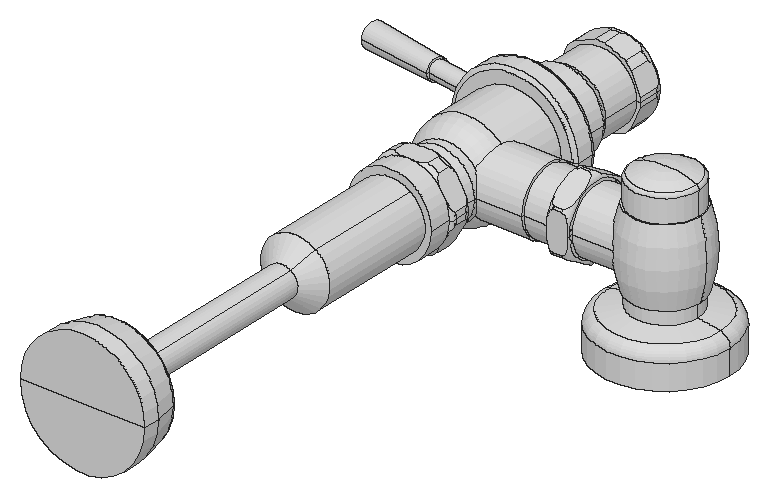
Revit family "Plumbing-Flushometer-Sloan-Valve-Dolphin-186", category Plumbing Fixtures, host Face, Revit 2021
Family settings
  Host = Face
  Round Connector Dimension = Use Diameter
  Part Type = Normal
  OmniClass Number = 23.45.05.14.99
  Cut with Voids When Loaded = No
  Shared = No
  Room Calculation Point = No
Parameters (values of type "DOLPHIN 186-1.0")
  Water Inlet Connection Diameter = 3/4"  # constant formula
  Water Inlet Connection Description = "Water Inlet Connection"  # constant formula
  Waste Connection = no
  WFU = 0
  Vent Connection = no
  Valve Pressure Drop = 0.00 psi
  URL = "www.sloanvalve.com"
  Product data url = ""
  Product Material = Sloan Valve - Finish - Polished Chrome
  Product Guid = ""
  Part Number = "3052600"
  Operating Water Pressure = "15 – 80 PSI (103 – 552 kPa)"  # constant formula
  Model = "DOLPHIN 186-1.0"
  Manufacturer = "Sloan Valve"  # constant formula
  Keynote = "15410"
  Height = 16 3/8"  # constant formula
  HWFU = 0
  HW Connection = no
  Flush Rate = "1.0 gpf (3.8 Lpf)"
  Edition number = 1
  Description = "1.0 gpf, Polished Chrome Finish, Fixture Connection Top Spud, Single Flush, 3/4\" Control Stop, Dolphin Exposed Manual Urinal Flushometer."
  Default Elevation = 0"
  Centerline of Supply to Centerline of Valve = 4 3/4"  # constant formula
  Centerline of Supply from Top of Fixture = 11 1/2"  # constant formula
  CWFU = 0
  CW Connection = yes
  Assembly Code = "D2020300"
Types (6): name | Part Number | Model | Flush Rate | Description
  DOLPHIN 186-1.0-GJ-XYV | "3952612" | "DOLPHIN 186-1.0-GJ-XYV" | "1.0 gpf (3.8 Lpf)" | "1.0 gpf, Polished Chrome Finish, Fixture Connection Top Spud, Single Flush, Ground Joint Control Stop, Less Vacuum Breaker, Dolphin Exposed Manual Urinal Flushometer."
  DOLPHIN 186-1.0-K | "3052601" | "DOLPHIN 186-1.0-K" | "1.0 gpf (3.8 Lpf)" | "1.0 gpf, Sweat Solder Adapter Kit, Polished Chrome Finish, Fixture Connection Top Spud, Single Flush, Wheel Handle Control Stop, Dolphin Exposed Manual Urinal Flushometer."
  DOLPHIN 186-1.0 | "3052600" | "DOLPHIN 186-1.0" | "1.0 gpf (3.8 Lpf)" | "1.0 gpf, Polished Chrome Finish, Fixture Connection Top Spud, Single Flush, 3/4\" Control Stop, Dolphin Exposed Manual Urinal Flushometer."
  DOLPHIN 186-1.0-GJ | "3952614" | "DOLPHIN 186-1.0-GJ" | "1.0 gpf (3.8 Lpf)" | "1.0 gpf, Polished Chrome Finish, Fixture Connection Top Spud, Single Flush, Ground Joint Control Stop, Dolphin Exposed Manual Urinal Flushometer."
  DOLPHIN 186-1.5 | "3052602" | "DOLPHIN 186-1.5" | "1.5 gpf (5.7 Lpf)" | "1.5 gpf, Polished Chrome Finish, Fixture Connection Top Spud, Single Flush, 3/4\" Control Stop, Dolphin Exposed Manual Urinal Flushometer."
  DOLPHIN 186-1.0-XYV | "3052635" | "DOLPHIN 186-1.0-XYV" | "1.0 gpf (3.8 Lpf)" | "1.0 gpf, Polished Chrome Finish, Fixture Connection Top Spud, Single Flush, 3/4\" Control Stop, Less Vacuum Breaker, Dolphin Exposed Manual Urinal Flushometer."
Reference planes (in)
  plane 1 "Center (Front/Back)": y = -1.25
  plane 2: z = 0
  plane 3 "Center (Left/Right)": x = 0
  plane 4: y = -12.75
  plane 5: x = 4.75
Dimensions and locks (in)
  plane 4 to nested 1 = 16.32677"
  aligned and locked: plane 2 to host face
  aligned and locked: level to host face
Nested families (in)
  nested 1: "Geometry" at (0, -12.75, 0) x (1, 0, 0) z (0, 1, 0), type "Geometry"
Connectors (in)
  piping at (4.75, -1.25, 0), diameter 0.75, driven by "Water Inlet Connection Diameter", driven by "CWFU", driven by "Valve Pressure Drop", driven by "Water Inlet Connection Description"
    settings: on nested 1, index 3, connector inside diameter 24", connector length 0", flow factor 0, pipe flow 0 GPM, pressure drop 0.00 psi, fitting loss kfactor 0, connector angle 0.00°, fixture units 0, engagement length 0", angle of deflection 0.00°, flow configuration 3, flow direction 1, fitting loss method 4, system type 20, joint type 0, gender type 0, connector reference index -1, connector utility 0, adjustable connector no, is connector primary yes, connector description "Water Inlet Connection"
Definition of nested family "Geometry"
  Parameters (values of type "Geometry")
    URL = ""
    Product Material = none
    Model = ""
    Manufacturer = ""
    Keynote = ""
    Description = ""
    Default Elevation = 0"
    Assembly Code = ""
  Reference planes (in)
    plane 1 "Center (Front/Back)": y = 0
    plane 2: z = 0
    plane 3 "Center (Left/Right)": x = 0
    plane 4: x = 4.75
    plane 5: y = -2.25
    plane 6: z = 11.5
    plane 7: z = 16.32677
    plane 8: z = 15.48819
    plane 9: x = -0.98425
    plane 10: z = 14.56299
    plane 11: z = 13.42913
    plane 12: z = 11.5
    plane 13: z = 10.87008
    plane 14: z = 10.64567
    plane 15: z = 10.26772
    plane 16: z = 13.88189
    plane 17: through (-5.0569, -180, 14.67508) normal (0.1564, 0, 0.9877)
    plane 18: through (-4.5093, -180, 14.58477) normal (-0.9867, 0, 0.1627)
    plane 19: z = 1.10236
    plane 20: x = 1.49606
    plane 21: z = 1.05236
    plane 22: x = 1.36024
  Forms (in)
    Extrusion 1, solid
      sketch origin (0, 0, 0) x (1, 0, 0) y (0, 1, 0)
        loop
          line (-48, 48) -> (-48, -48) -> (48, -48) -> (48, 48) -> (-48, 48)
      from 0 to -12
    Extrusion 2, solid, material <- "Product Material", not visible
      sketch origin (0, 0, 0) x (1, 0, 0) y (0, 0, 1)
        loop
          circle (4.75, 11.5) r 1
      from 0.07956 to 0
    Revolve 3, solid, material <- "Product Material"
      sketch origin (0, 3, 11.5) x (1, 0, 0) y (0, 1, 0)
        loop
          arc (5.59646, -6.1752) -> (5.75502, -5.25) -> (5.59646, -4.3248) r 2.77845
          line (5.59646, -4.3248) -> (5.5374, -4.3248) -> (5.5374, -3.99194)
          arc (5.5374, -3.99194) -> (5.8144, -3.95568) -> (6.08617, -3.89103) r 2.70259
          arc (6.08617, -3.89103) -> (6.24431, -3.78128) -> (6.30512, -3.59864) r 0.3047
          line (6.30512, -3.59864) -> (6.30512, -3) -> (4.75, -3) -> (4.75, -6.97813)
          arc (4.75, -6.97813) -> (5.13409, -6.94086) -> (5.49815, -6.81288) r 1.60287
          arc (5.49815, -6.81288) -> (5.54115, -6.77387) -> (5.55709, -6.71804) r 0.10577
          line (5.55709, -6.71804) -> (5.55709, -6.1752) -> (5.59646, -6.1752)
        axis (4.75, -3) -> (4.75, -6.97813)
      angle from 0 to 360
    Revolve 4, solid, material <- "Product Material"
      sketch origin (0, -2.25, -15) x (1, 0, 0) y (0, 0, 1)
        loop
          line (1.49606, 15) -> (1.49606, 15.41339) -> (1.3704, 16.00454)
          arc (1.3704, 16.00454) -> (1.34962, 16.04163) -> (1.31148, 16.06042) r 0.07165
          arc (1.31148, 16.06042) -> (1.04671, 16.09164) -> (0.78031, 16.10206) r 3.40813
          line (0.78031, 16.10206) -> (0, 16.10206) -> (0, 15) -> (1.49606, 15)
        axis (0, 15) -> (0, 16.10206)
      angle from 0 to 360
    Revolve 5, solid, material <- "Product Material"
      sketch origin (0, -2.25, -15) x (1, 0, 0) y (0, 0, 1)
        loop
          line (0, 31.32677) -> (-0.62992, 31.32677) -> (-0.8835, 31.14927)
          arc (-0.8835, 31.14927) -> (-0.95755, 31.06484) -> (-0.98425, 30.95575) r 0.23622
          line (-0.98425, 30.95575) -> (-0.98425, 30.48819) -> (-0.8622, 30.48819) -> (-0.8622, 29.56299) -> (-0.98031, 29.36614) -> (-0.98031, 28.42913) -> (-1.44882, 28.42913)
          arc (-1.44882, 28.42913) -> (-1.5045, 28.40607) -> (-1.52756, 28.35039) r 0.07874
          line (-1.52756, 28.35039) -> (-1.52756, 27.93701) -> (-1.4252, 27.87795) -> (-1.14173, 27.87795) -> (-1.14173, 26.5)
          arc (-1.14173, 26.5) -> (-1.06982, 26.15622) -> (-0.86614, 25.87008) r 0.85771
          line (-0.86614, 25.87008) -> (-0.86614, 25.64567) -> (-0.82677, 25.26772) -> (0, 25.26772) -> (0, 31.32677)
        axis (0, 31.32677) -> (0, 25.26772)
      angle from 0 to 360
    Revolve 6, solid, material <- "Product Material"
      sketch origin (0, -2.25, -13.75) x (1, 0, 0) y (0, 0, 1)
        loop
          line (0, 26.05709) -> (0, 25.25) -> (4.10919, 25.25) -> (4.10919, 26.01772) -> (3.12494, 26.01772) -> (3.12494, 26.07677)
          arc (3.12494, 26.07677) -> (3.07881, 26.18813) -> (2.96746, 26.23425) r 0.15748
          line (2.96746, 26.23425) -> (2.75117, 26.23425)
          arc (2.75117, 26.23425) -> (2.63981, 26.18813) -> (2.59369, 26.07677) r 0.15748
          line (2.59369, 26.07677) -> (2.59369, 26.01772) -> (1.97042, 26.01772) -> (1.97042, 26.05709) -> (0, 26.05709)
        axis (0, 25.25) -> (4.10919, 25.25)
      angle from 0 to 360
    Extrusion 7, solid, material <- "Product Material"
      sketch origin (2.25, -2.25, 0.40132) x (0, -1, 0) y (0, 0, 1)
        loop
          circle (0, 13.37362) r 0.52756
      from 2.25 to 3.68307
    Revolve 8, solid, material <- "Product Material"
      sketch origin (2.25, -2.25, 0) x (1, 0, 0) y (0, 0, 1)
        loop
          line (-3.23589, 13.81106) -> (-3.23589, 14.0303) -> (-5.01019, 14.31132) -> (-5.00403, 14.3502) -> (-6.74592, 14.66595) -> (-6.79211, 14.37431) -> (-3.23589, 13.81106)
        axis (-3.23589, 13.81106) -> (-6.79211, 14.37431)
      angle from 0 to 360
    Extrusion 9, void
      sketch origin (0, 0, 0) x (1, 0, 0) y (0, 1, 0)
        loop
          line (0.72318, -1.52682) -> (0.80733, -1.44267)
          arc (0.80733, -1.44267) -> (0.43692, -1.19518) -> (0, -1.10827) r 1.14173
          line (0, -1.10827) -> (0, -1.22727) -> (0.72318, -1.52682)
        loop
          line (-0.72318, -2.97318) -> (-0.80733, -3.05733)
          arc (-0.80733, -3.05733) -> (-0.43692, -3.30482) -> (0, -3.39173) r 1.14173
          line (0, -3.39173) -> (0, -3.27273) -> (-0.72318, -2.97318)
      from 15.04326 to 16.62359
    Extrusion 10, void
      sketch origin (0, 0, 0) x (1, 0, 0) y (0, 1, 0)
        loop
          line (0, -1.22727) -> (0, -1.10827)
          arc (0, -1.10827) -> (-0.43692, -1.19518) -> (-0.80733, -1.44267) r 1.14173
          line (-0.80733, -1.44267) -> (-0.72318, -1.52682) -> (0, -1.22727)
        loop
          line (0, -3.27273) -> (0, -3.39173)
          arc (0, -3.39173) -> (0.43692, -3.30482) -> (0.80733, -3.05733) r 1.14173
          line (0.80733, -3.05733) -> (0.72318, -2.97318) -> (0, -3.27273)
      from 15.14778 to 16.56034
    Extrusion 11, void
      sketch origin (0, 0, 0) x (1, 0, 0) y (0, 1, 0)
        loop
          line (-0.72318, -1.52682) -> (-0.80733, -1.44267)
          arc (-0.80733, -1.44267) -> (-1.05482, -1.81308) -> (-1.14173, -2.25) r 1.14173
          line (-1.14173, -2.25) -> (-1.02273, -2.25) -> (-0.72318, -1.52682)
        loop
          line (0.72318, -2.97318) -> (0.80733, -3.05733)
          arc (0.80733, -3.05733) -> (1.05482, -2.68692) -> (1.14173, -2.25) r 1.14173
          line (1.14173, -2.25) -> (1.02273, -2.25) -> (0.72318, -2.97318)
      from 15.14778 to 16.56034
    Extrusion 12, void
      sketch origin (0, 0, 0) x (1, 0, 0) y (0, 1, 0)
        loop
          line (-1.02273, -2.25) -> (-1.14069, -2.29886)
          arc (-1.14069, -2.29886) -> (-1.05482, -2.68692) -> (-0.84113, -3.02204) r 1.14173
          line (-0.84113, -3.02204) -> (-0.72318, -2.97318) -> (-1.02273, -2.25)
        loop
          line (1.02273, -2.25) -> (1.14069, -2.20114)
          arc (1.14069, -2.20114) -> (1.05482, -1.81308) -> (0.84113, -1.47796) r 1.14173
          line (0.84113, -1.47796) -> (0.72318, -1.52682) -> (1.02273, -2.25)
      from 15.04326 to 16.62359
    Extrusion 13, void
      sketch origin (0, 0, 0) x (0, 1, 0) y (0, 0, 1)
        loop
          line (-2.75007, 12.36614) -> (-3.25013, 11.5) -> (-2.75007, 10.63386) -> (-1.74993, 10.63386) -> (-1.24987, 11.5) -> (-1.74993, 12.36614) -> (-2.75007, 12.36614)
        loop
          circle (-2.25, 11.5) r 1.14765
      from 2.39057 to 3.41203
    Revolve 14, solid, material <- "Product Material"
      sketch origin (60, -2.25, 65) x (1, 0, 0) y (0, 0, 1)
        loop
          line (-60, -54.73228) -> (-60.94488, -54.73228)
          arc (-60.94488, -54.73228) -> (-61.0284, -54.76688) -> (-61.06299, -54.85039) r 0.11811
          line (-61.06299, -54.85039) -> (-61.06299, -55.16535)
          arc (-61.06299, -55.16535) -> (-61.0284, -55.24887) -> (-60.94488, -55.28346) r 0.11811
          line (-60.94488, -55.28346) -> (-60, -55.28346) -> (-60, -54.73228)
        axis (-60, -54.73228) -> (-60, -55.28346)
      angle from 0 to 360
    Extrusion 15, void
      sketch origin (0, 0, 0) x (1, 0, 0) y (0, 1, 0)
        loop
          line (0.56826, -3.23425) -> (1.13652, -2.25) -> (0.56826, -1.26575) -> (-0.56826, -1.26575) -> (-1.13652, -2.25) -> (-0.56826, -3.23425) -> (0.56826, -3.23425)
        loop
          circle (0, -2.25) r 1.27435
      from 9.49041 to 10.52512
    Extrusion 16, solid, material <- "Product Material"
      sketch origin (0, 0, 0) x (1, 0, 0) y (0, 1, 0)
        loop
          circle (0, -2.25) r 1
      from 9.20511 to 9.71692
    Extrusion 17, solid, material <- "Product Material"
      sketch origin (0, 0, 0) x (1, 0, 0) y (0, 1, 0)
        loop
          circle (0, -2.25) r 1.06299
      from 1.07402 to 1.28583
    Extrusion 18, void
      sketch origin (0, 0, 0) x (1, 0, 0) y (0, 1, 0)
        loop
          line (0.56826, -3.23425) -> (1.13652, -2.25) -> (0.56826, -1.26575) -> (-0.56826, -1.26575) -> (-1.13652, -2.25) -> (-0.56826, -3.23425) -> (0.56826, -3.23425)
        loop
          circle (0, -2.25) r 1.24078
      from 0.8307 to 1.52631
    Revolve 19, solid, material <- "Product Material"
      sketch origin (60, -2.25, 65) x (1, 0, 0) y (0, 0, 1)
        loop
          line (-59.17291, -55.79489) -> (-60, -55.79489) -> (-60, -63.90953) -> (-59.625, -63.90953) -> (-59.625, -59.04351) -> (-59.17291, -58.62951) -> (-59.17291, -55.79489)
        axis (-60, -55.79489) -> (-60, -63.90953)
      angle from -53.603 to 306.397
  Cuts and joins
    Extrusion 9, Extrusion 10, Extrusion 11, Extrusion 12 cuts Revolve 5
    Extrusion 13 cuts Revolve 6
    joined: Revolve 3, Revolve 5, Revolve 6, Extrusion 7
    Extrusion 15 cuts Revolve 14
    Extrusion 18 cuts Extrusion 17
  Lines and regions (in)
    Masking region 1
      outline origin (0, 0, 0) x (1, 0, 0) y (0, 1, 0)
        loop
          line (2.59369, -1.48228) -> (1.97042, -1.48228) -> (1.97042, -1.44182) -> (1.40349, -1.44182)
          arc (1.40349, -1.44182) -> (-0.3139, -0.66116) -> (-1.60538, -2.03626) r 1.61955
          line (-1.60538, -2.03626) -> (-2.77204, -2.03626)
          spline (-2.77204, -2.03626) -> (-2.77369, -2.02969) -> (-2.77539, -2.02363) -> (-2.77713, -2.01811) -> (-2.77891, -2.01313) -> (-2.78072, -2.00871) -> (-2.78257, -2.00486) -> (-2.78444, -2.00159) -> (-2.78634, -1.9989) -> (-2.78825, -1.9968) -> (-2.79018, -1.9953) -> (-2.79212, -1.9944) -> (-2.79406, -1.99409)
          line (-2.79406, -1.99409) -> (-4.54211, -1.95473)
          spline (-4.54211, -1.95473) -> (-4.54814, -1.95725) -> (-4.55406, -1.96479) -> (-4.55978, -1.9772) -> (-4.5652, -1.99429) -> (-4.57023, -2.01574) -> (-4.57477, -2.04121) -> (-4.57875, -2.07025) -> (-4.58211, -2.10236) -> (-4.58478, -2.137) -> (-4.58672, -2.17358) -> (-4.5879, -2.21146) -> (-4.5883, -2.25)
          spline (-4.5883, -2.25) -> (-4.5879, -2.28854) -> (-4.58672, -2.32642) -> (-4.58478, -2.363) -> (-4.58211, -2.39764) -> (-4.57875, -2.42975) -> (-4.57477, -2.45879) -> (-4.57023, -2.48426) -> (-4.5652, -2.50571) -> (-4.55978, -2.5228) -> (-4.55406, -2.53521) -> (-4.54814, -2.54275) -> (-4.54211, -2.54527)
          line (-4.54211, -2.54527) -> (-2.79406, -2.50591)
          spline (-2.79406, -2.50591) -> (-2.79217, -2.50562) -> (-2.79029, -2.50477) -> (-2.78841, -2.50335) -> (-2.78655, -2.50137) -> (-2.78471, -2.49883) -> (-2.78288, -2.49573) -> (-2.78108, -2.49209) -> (-2.77931, -2.48791) -> (-2.77758, -2.48321) -> (-2.77587, -2.47798) -> (-2.77421, -2.47225) -> (-2.7726, -2.46602)
          line (-2.7726, -2.46602) -> (-1.60508, -2.46602)
          arc (-1.60508, -2.46602) -> (-0.31137, -3.83934) -> (1.40491, -3.05572) r 1.61955
          line (1.40491, -3.05572) -> (1.97042, -3.05572) -> (1.97042, -3.01772) -> (2.59369, -3.01772) -> (2.59369, -3.1756) -> (2.62298, -3.23425) -> (3.09564, -3.23425) -> (3.12494, -3.1756) -> (3.12494, -3.01772) -> (3.85315, -3.01772) -> (3.90354, -3.1752) -> (3.94291, -3.1752) -> (3.94291, -3.71843)
          arc (3.94291, -3.71843) -> (3.95978, -3.77536) -> (4.00492, -3.81392) r 0.10452
          arc (4.00492, -3.81392) -> (4.75, -3.97229) -> (5.49508, -3.81392) r 1.83184
          arc (5.49508, -3.81392) -> (5.54022, -3.77536) -> (5.55709, -3.71843) r 0.10452
          line (5.55709, -3.71843) -> (5.55709, -3.1752) -> (5.59646, -3.1752)
          arc (5.59646, -3.1752) -> (5.75613, -2.25) -> (5.59646, -1.3248) r 2.76023
          line (5.59646, -1.3248) -> (5.5374, -1.3248) -> (5.5374, -0.99194)
          arc (5.5374, -0.99194) -> (5.8206, -0.95767) -> (6.09703, -0.88721) r 2.21037
          arc (6.09703, -0.88721) -> (6.24761, -0.77781) -> (6.30512, -0.6008) r 0.30114
          line (6.30512, -0.6008) -> (6.30512, 0) -> (3.19488, 0) -> (3.19488, -0.6008)
          arc (3.19488, -0.6008) -> (3.25239, -0.77781) -> (3.40297, -0.88721) r 0.30114
          arc (3.40297, -0.88721) -> (3.6794, -0.95767) -> (3.9626, -0.99194) r 2.21037
          line (3.9626, -0.99194) -> (3.9626, -1.3248) -> (3.90354, -1.3248) -> (3.85315, -1.48228) -> (3.12494, -1.48228) -> (3.12494, -1.3244) -> (3.09564, -1.26575) -> (2.62298, -1.26575) -> (2.59369, -1.3244) -> (2.59369, -1.48228)
    symbolic lines, detail levels medium+fine
      curve 1: line (2.59369, -1.48228, 0) -> (2.59369, -3.01772, 0)
      curve 2: line (3.12494, -3.01772, 0) -> (3.12494, -1.48228, 0)
      curve 4: line (3.90354, -1.3248, 0) -> (5.59646, -1.3248, 0)
      curve 5: line (3.9626, -0.99194, 0) -> (5.5374, -0.99194, 0)
      curve 6: line (3.94291, -3.1752, 0) -> (5.55709, -3.1752, 0)
      curve 9: arc (1.40349, -1.44182, 0) -> (1.61955, -2.25, 0) -> (1.40349, -3.05818, 0) r 1.61955
      curve 16: line (1.97042, -1.48228, 0) -> (1.97042, -3.01772, 0)
    symbolic lines, detail levels fine
      curve 3: arc (3.85315, -1.48228, 0) -> (4.1014, -2.25, 0) -> (3.85315, -3.01772, 0) r 1.3112
      curve 7: arc (-4.54211, -2.54527, 0) -> (-4.49592, -2.25, 0) -> (-4.54211, -1.95473, 0) r 0.96686
      curve 8: arc (-2.77204, -2.03626, 0) -> (-2.75403, -2.25114, 0) -> (-2.77204, -2.46602, 0) r 1.29031
      curve 10: circle (0, -2.25, 0) r 0.98425 normal (0, 0, 1)
      curve 11: line (-1.43307, -1.72244, 0) -> (-0.83092, -1.72244, 0)
      curve 12: line (-1.43307, -1.72244, 0) -> (-1.43307, -2.77756, 0)
      curve 13: line (-1.43307, -2.77756, 0) -> (-0.83092, -2.77756, 0)
      curve 14: line (-1.60508, -2.46602, 0) -> (-1.43307, -2.46602, 0)
      curve 15: line (-1.60538, -2.03626, 0) -> (-1.43307, -2.03626, 0)
  Dimensions and locks (in)
    Extrusion 2 sketch curve to plane 2 = 11 1/2"
    Extrusion 2 sketch curve to plane 3 "Center (Left/Right)" = 4 3/4"
    plane 3 "Center (Left/Right)" to plane 4 = 4 3/4"
    plane 6 to plane 2 = 11 1/2"
    plane 10 to plane 11 = 1.13386"
    Extrusion 7 to Revolve 5 sketch curve = 1.52756"
    plane 7 to plane 15 = 6.05906"
    plane 16 to plane 6 = 2.38189"
    plane 17 to Revolve 8 sketch curve = 0.21654"
    plane 18 to Revolve 8 sketch curve = 3.14961"
    plane 19 to Extrusion 1 = 1.10236"
    plane 20 to plane 3 "Center (Left/Right)" = 1.49606"
    plane 19 to plane 21 = 0.05"
    plane 20 to plane 22 = 0.13583"
    Revolve 14 sketch curve to Revolve 14 sketch curve = 0.55118"
    Revolve 14 sketch curve to plane 3 "Center (Left/Right)" = 1.06299"
    aligned and locked: plane 2 to Extrusion 1
    aligned and locked: level to Extrusion 1
    aligned and locked: Extrusion 2 to plane 1 "Center (Front/Back)"
    aligned and locked: Revolve 19 sketch curve to Revolve 19 sketch curve
  Automatic sketch dimensions
    Extrusion 1 sketch curve to Extrusion 1 sketch curve = 96"  (x2)
    plane 5 to Revolve 3 sketch curve = 0"
    Revolve 3 sketch curve to plane 4 = 0"  (x2)
    plane 1 "Center (Front/Back)" to Revolve 3 sketch curve = 0"
    plane 4 to Revolve 3 sketch curve = 1 99/128"
    Revolve 3 sketch curve to plane 4 = 0.03838"
    Revolve 3 sketch curve to plane 4 = 0.5756"
    Revolve 3 sketch curve to plane 4 = 0.70131"
    Revolve 3 sketch curve to plane 4 = 0.7874"
    Revolve 3 sketch curve to Revolve 3 sketch curve = 0.10577"
    Revolve 3 sketch curve to Revolve 3 sketch curve = 0.05906"
    Revolve 3 sketch curve to Revolve 3 sketch curve = 0.03937"
    Revolve 3 sketch curve to Revolve 3 sketch curve = 0.46302"
    Revolve 3 sketch curve to Revolve 3 sketch curve = 39/128"
    plane 5 to Revolve 3 sketch curve = 0.12572"
    plane 5 to Revolve 3 sketch curve = 0.9252"
    Revolve 3 sketch curve to Revolve 3 sketch curve = 0.54284"
    Revolve 3 sketch curve to Revolve 3 sketch curve = 0.26009"
    Revolve 3 sketch curve to Revolve 3 sketch curve = 0.33286"
    Revolve 3 sketch curve to Revolve 3 sketch curve = 0.59864"
    Revolve 3 sketch curve to plane 1 "Center (Front/Back)" = 1.70234"
    Revolve 3 sketch curve to Revolve 3 sketch curve = 0.09"
    Revolve 3 sketch curve to Revolve 3 sketch curve = 0.12423"
    Extrusion 7 sketch curve to plane 5 = 0"
    plane 6 to Extrusion 7 sketch curve = 2.27494"
    Revolve 5 sketch curve to plane 11 = 0"
    Revolve 5 sketch curve to plane 6 = 0"
    Revolve 5 sketch curve to plane 9 = 0"
    Revolve 5 sketch curve to plane 14 = 0"
    Revolve 5 sketch curve to plane 13 = 0"
    Revolve 5 sketch curve to plane 10 = 0"
    Revolve 5 sketch curve to plane 8 = 0"
    Revolve 5 sketch curve to plane 15 = 0"
    Revolve 5 sketch curve to plane 7 = 0"
    Revolve 5 sketch curve to plane 3 "Center (Left/Right)" = 0"  (x2)
    Revolve 5 sketch curve to plane 11 = 0.07874"
    Revolve 5 sketch curve to Revolve 5 sketch curve = 0.10236"
    Revolve 5 sketch curve to plane 9 = 0.15748"
    plane 9 to Revolve 5 sketch curve = 0.00394"
    plane 9 to Revolve 5 sketch curve = 0.10076"
    plane 9 to Revolve 5 sketch curve = 0.11811"
    plane 9 to Revolve 5 sketch curve = 0.12205"
    plane 9 to Revolve 5 sketch curve = 0.15748"
    Revolve 5 sketch curve to Revolve 5 sketch curve = 0.23622"
    Revolve 5 sketch curve to Revolve 5 sketch curve = 0.25357"
    Revolve 5 sketch curve to plane 11 = 0.55118"
    Revolve 5 sketch curve to Revolve 5 sketch curve = 0.05906"
    Revolve 5 sketch curve to plane 10 = 0.19685"
    Revolve 5 sketch curve to level = 24"
    Revolve 5 sketch curve to Revolve 5 sketch curve = 85.14205"
    plane 18 to Revolve 8 sketch curve = 0"
    Revolve 8 sketch curve to plane 17 = 0"  (x2)
    Revolve 8 sketch curve to plane 16 = 0"
    plane 16 to Revolve 8 sketch curve = 0.42943"
    Revolve 8 sketch curve to plane 16 = 0.07083"
    Revolve 8 sketch curve to Revolve 8 sketch curve = 0.00616"
    plane 16 to Revolve 8 sketch curve = 0.46176"
    Revolve 8 sketch curve to Revolve 8 sketch curve = 0.19357"
    plane 16 to Revolve 8 sketch curve = 0.78406"
    Extrusion 9 sketch curve to plane 3 "Center (Left/Right)" = 0.72318"
    plane 3 "Center (Left/Right)" to Extrusion 9 sketch curve = 0.72318"
    plane 5 to Extrusion 9 sketch curve = 0.72318"
    Extrusion 9 sketch curve to plane 5 = 0.72318"
    Extrusion 9 sketch curve to Extrusion 9 sketch curve = 0.08415"  (x4)
    Extrusion 9 sketch curve to Extrusion 9 sketch curve = 0.119"  (x2)
    Extrusion 9 sketch curve to Extrusion 9 sketch curve = 0"  (x2)
    Extrusion 9 sketch curve to plane 3 "Center (Left/Right)" = 0"
    plane 5 to Extrusion 9 sketch curve = 0"
    Extrusion 10 sketch curve to plane 3 "Center (Left/Right)" = 0"  (x2)
    plane 5 to Extrusion 10 sketch curve = 0"
    Extrusion 10 sketch curve to plane 3 "Center (Left/Right)" = 0.72318"
    Extrusion 10 sketch curve to Extrusion 10 sketch curve = 0.29955"
    Extrusion 10 sketch curve to Extrusion 10 sketch curve = 0.08415"  (x4)
    Extrusion 10 sketch curve to Extrusion 10 sketch curve = 0"  (x2)
    plane 3 "Center (Left/Right)" to Extrusion 10 sketch curve = 0.72318"
    plane 5 to Extrusion 10 sketch curve = 0.72318"
    Extrusion 10 sketch curve to Extrusion 10 sketch curve = 0.119"
    Extrusion 10 sketch curve to plane 5 = 0.72318"
    Extrusion 11 sketch curve to plane 3 "Center (Left/Right)" = 0"
    plane 5 to Extrusion 11 sketch curve = 0"
    Extrusion 11 sketch curve to plane 3 "Center (Left/Right)" = 0.72318"
    Extrusion 11 sketch curve to plane 5 = 0.72318"
    Extrusion 11 sketch curve to Extrusion 11 sketch curve = 0.119"  (x2)
    Extrusion 11 sketch curve to Extrusion 11 sketch curve = 0"  (x2)
    plane 3 "Center (Left/Right)" to Extrusion 11 sketch curve = 0.72318"
    Extrusion 11 sketch curve to Extrusion 11 sketch curve = 0.29955"  (x2)
    Extrusion 11 sketch curve to Extrusion 11 sketch curve = 0.08415"  (x3)
    Extrusion 12 sketch curve to Extrusion 12 sketch curve = 0"  (x2)
    plane 5 to Extrusion 12 sketch curve = 0"  (x3)
    Extrusion 12 sketch curve to plane 3 "Center (Left/Right)" = 0"
    Extrusion 12 sketch curve to Extrusion 12 sketch curve = 0.11795"  (x2)
    Extrusion 12 sketch curve to Extrusion 12 sketch curve = 0.29955"  (x2)
    plane 3 "Center (Left/Right)" to Extrusion 12 sketch curve = 0.72318"
    Extrusion 12 sketch curve to plane 5 = 0.04886"
    plane 5 to Extrusion 12 sketch curve = 0.72318"
    plane 5 to Extrusion 12 sketch curve = 0.04886"
    Revolve 6 sketch curve to plane 3 "Center (Left/Right)" = 0"
    Revolve 6 sketch curve to plane 6 = 0"  (x2)
    plane 6 to Revolve 6 sketch curve = 0.76772"
    plane 3 "Center (Left/Right)" to Revolve 6 sketch curve = 1.97042"
    Revolve 6 sketch curve to Revolve 6 sketch curve = 0.62326"
    Revolve 6 sketch curve to Revolve 6 sketch curve = 0.15748"  (x2)
    Revolve 6 sketch curve to Revolve 6 sketch curve = 0.21629"
    plane 4 to Revolve 6 sketch curve = 0.64081"
    Revolve 6 sketch curve to Revolve 6 sketch curve = 0"
    Revolve 6 sketch curve to Revolve 6 sketch curve = 0.03937"
    Revolve 6 sketch curve to Revolve 6 sketch curve = 0.05906"
    plane 3 "Center (Left/Right)" to Revolve 6 sketch curve = 3/4"
    Revolve 6 sketch curve to Revolve 6 sketch curve = 1/2"
    Extrusion 13 sketch curve to plane 6 = 0"  (x3)
    Extrusion 13 sketch curve to plane 5 = 0"
    plane 5 to Extrusion 13 sketch curve = 0.50007"  (x2)
    Extrusion 13 sketch curve to Extrusion 13 sketch curve = 1.00013"
    Extrusion 13 sketch curve to plane 5 = 0.50007"  (x2)
    Extrusion 13 sketch curve to plane 5 = 1.00013"
    Extrusion 13 sketch curve to plane 6 = 0.86614"
    plane 6 to Extrusion 13 sketch curve = 0.86614"
    Revolve 4 sketch curve to level = 0"
    Revolve 4 sketch curve to plane 3 "Center (Left/Right)" = 0"  (x2)
    Revolve 4 sketch curve to plane 20 = 0"
    Revolve 4 sketch curve to plane 22 = 0.57992"
    Revolve 4 sketch curve to plane 22 = 0.05992"
    plane 22 to Revolve 4 sketch curve = 0.01017"
    Revolve 4 sketch curve to level = 2.30606"
    level to Revolve 4 sketch curve = 0.41339"
    Revolve 4 sketch curve to plane 21 = 0.06272"
    Revolve 4 sketch curve to plane 21 = 0.04782"
    Revolve 4 sketch curve to plane 19 = 0.0003"
    Revolve 4 sketch curve to Revolve 4 sketch curve = 0"
    plane 19 to Revolve 4 sketch curve = 0.33406"
    Revolve 14 sketch curve to plane 3 "Center (Left/Right)" = 0"  (x2)
    Revolve 14 sketch curve to Revolve 14 sketch curve = 0.11811"  (x2)
    Revolve 14 sketch curve to plane 6 = 1.78346"
    Revolve 14 sketch curve to Revolve 14 sketch curve = 0.13501"
    Revolve 14 sketch curve to Revolve 14 sketch curve = 0.19685"
    plane 5 to Extrusion 15 sketch curve = 0"  (x3)
    Extrusion 15 sketch curve to plane 3 "Center (Left/Right)" = 0"
    Extrusion 15 sketch curve to plane 3 "Center (Left/Right)" = 0.56826"  (x2)
    Extrusion 15 sketch curve to Extrusion 15 sketch curve = 1.13652"
    plane 3 "Center (Left/Right)" to Extrusion 15 sketch curve = 0.56826"  (x2)
    Extrusion 15 sketch curve to Extrusion 15 sketch curve = 0.56826"
    plane 5 to Extrusion 15 sketch curve = 0.98425"
    Extrusion 15 sketch curve to plane 5 = 0.98425"
    Extrusion 16 sketch curve to plane 3 "Center (Left/Right)" = 0"
    plane 5 to Extrusion 16 sketch curve = 0"
    Extrusion 17 sketch curve to plane 3 "Center (Left/Right)" = 0"
    plane 5 to Extrusion 17 sketch curve = 0"
    plane 5 to Extrusion 18 sketch curve = 0"  (x3)
    Extrusion 18 sketch curve to plane 3 "Center (Left/Right)" = 0"
    Extrusion 18 sketch curve to plane 3 "Center (Left/Right)" = 0.56826"  (x2)
    Extrusion 18 sketch curve to Extrusion 18 sketch curve = 1.13652"
    plane 3 "Center (Left/Right)" to Extrusion 18 sketch curve = 0.56826"  (x2)
    Extrusion 18 sketch curve to Extrusion 18 sketch curve = 0.56826"
    plane 5 to Extrusion 18 sketch curve = 0.98425"
    Extrusion 18 sketch curve to plane 5 = 0.98425"
    Masking region 1 sketch curve to Masking region 1 sketch curve = 0"  (x6)
    plane 5 to Masking region 1 sketch curve = 0"  (x5)
    Masking region 1 sketch curve to plane 3 "Center (Left/Right)" = 0"
    plane 1 "Center (Front/Back)" to Masking region 1 sketch curve = 0"
    Masking region 1 sketch curve to plane 4 = 0"
    plane 5 to Masking region 1 sketch curve = 0.21602"
    Masking region 1 sketch curve to plane 5 = 0.21374"
    Masking region 1 sketch curve to Masking region 1 sketch curve = 0.00031"
    Masking region 1 sketch curve to Masking region 1 sketch curve = 1.16666"
    Masking region 1 sketch curve to Masking region 1 sketch curve = 0.00055"
    plane 5 to Masking region 1 sketch curve = 0.25591"
    Masking region 1 sketch curve to Masking region 1 sketch curve = 0.02146"
    Masking region 1 sketch curve to plane 5 = 0.25591"
    Masking region 1 sketch curve to Masking region 1 sketch curve = 0.02201"
    Masking region 1 sketch curve to plane 5 = 0.29527"
    Masking region 1 sketch curve to Masking region 1 sketch curve = 1.74805"
    plane 5 to Masking region 1 sketch curve = 0.29527"
    Masking region 1 sketch curve to plane 5 = 0.80818"
    Masking region 1 sketch curve to Masking region 1 sketch curve = 0.56693"
    Masking region 1 sketch curve to Masking region 1 sketch curve = 0.62326"  (x2)
    Masking region 1 sketch curve to plane 5 = 0.98425"
    Masking region 1 sketch curve to Masking region 1 sketch curve = 0.02929"  (x4)
    Masking region 1 sketch curve to Masking region 1 sketch curve = 0.40222"
    Masking region 1 sketch curve to Masking region 1 sketch curve = 121/256"  (x2)
    Masking region 1 sketch curve to Masking region 1 sketch curve = 0.09924"
    Masking region 1 sketch curve to Masking region 1 sketch curve = 0.30114"  (x2)
    Masking region 1 sketch curve to Masking region 1 sketch curve = 0.72821"  (x2)
    Masking region 1 sketch curve to Masking region 1 sketch curve = 0.0504"  (x2)
    Masking region 1 sketch curve to Masking region 1 sketch curve = 0.03937"  (x2)
    Masking region 1 sketch curve to Masking region 1 sketch curve = 0.05906"  (x2)
    Masking region 1 sketch curve to Masking region 1 sketch curve = 0.10452"  (x2)
    plane 4 to Masking region 1 sketch curve = 0.66399"
    Masking region 1 sketch curve to plane 4 = 0.66399"
    Masking region 1 sketch curve to plane 4 = 0.70256"
    Masking region 1 sketch curve to plane 4 = 0.7874"
    Masking region 1 sketch curve to Masking region 1 sketch curve = 0.46658"
    plane 5 to Masking region 1 sketch curve = 0.76772"
    Masking region 1 sketch curve to Masking region 1 sketch curve = 0.038"
    Masking region 1 sketch curve to Masking region 1 sketch curve = 0.15748"  (x2)
    plane 5 to Masking region 1 sketch curve = 0.9252"
    Masking region 1 sketch curve to Masking region 1 sketch curve = 0.15788"  (x2)
    Masking region 1 sketch curve to Masking region 1 sketch curve = 0.05865"  (x3)
    Masking region 1 sketch curve to Masking region 1 sketch curve = 0.54323"  (x2)
    Masking region 1 sketch curve to plane 5 = 0.10955"
    Masking region 1 sketch curve to Masking region 1 sketch curve = 0.21654"  (x2)
    Masking region 1 sketch curve to Masking region 1 sketch curve = 0.33286"  (x2)
    plane 1 "Center (Front/Back)" to Masking region 1 sketch curve = 0.6008"
    Masking region 1 sketch curve to Masking region 1 sketch curve = 0.6008"
    Masking region 1 sketch curve to plane 1 "Center (Front/Back)" = 1.21498"  (x2)
    Masking region 1 sketch curve to Masking region 1 sketch curve = 0.04619"
    Masking region 1 sketch curve to Masking region 1 sketch curve = 0.56552"
    curve 9 to curve 10 = 0"  (x2)
    plane 5 to curve 7 = 0"
    curve 9 to plane 3 "Center (Left/Right)" = 0"
    plane 5 to curve 3 = 0"
    plane 5 to curve 10 = 0"
    plane 5 to curve 13 = 0.52756"
    curve 13 to plane 3 "Center (Left/Right)" = 1.43307"
    plane 5 to curve 8 = 0.00114"
    curve 8 to curve 14 = 2.61126"
    curve 7 to curve 8 = 1.41844"
    plane 4 to curve 3 = 1.9598"
    curve 12 to plane 5 = 0.52756"
    curve 12 to curve 13 = 0.60215"
    curve 14 to curve 14 = 0.17201"
    curve 15 to curve 15 = 0.17231"
    plane 5 to curve 8 = 0.21602"
    curve 8 to curve 14 = 1.16697"
    curve 8 to plane 5 = 0.21374"
    curve 7 to curve 8 = 0.49777"  (x2)
    plane 5 to curve 7 = 0.29527"
    plane 3 "Center (Left/Right)" to curve 9 = 1.40349"  (x2)
    plane 5 to curve 9 = 0.80818"
    curve 9 to curve 16 = 0.56693"
    curve 16 to curve 1 = 0.62326"
    curve 1 to curve 2 = 17/32"
    curve 2 to curve 3 = 0.72821"  (x2)
    curve 3 to curve 4 = 0.0504"
    curve 3 to curve 6 = 0.08977"
    curve 4 to curve 5 = 0.05906"
    curve 5 to plane 4 = 0.7874"
    curve 6 to plane 4 = 0.80709"
    curve 5 to curve 4 = 0.05906"
    plane 5 to curve 3 = 0.76772"
    curve 2 to curve 3 = 0"
    curve 9 to curve 16 = 0.04047"
    curve 1 to curve 2 = 0"  (x2)
    curve 6 to curve 3 = 0.15748"
    plane 5 to curve 14 = 0.21602"
    curve 15 to plane 5 = 0.21374"
    curve 1 to plane 5 = 0.76772"
    curve 16 to curve 9 = 0.04047"
    curve 4 to plane 5 = 0.9252"
    curve 4 to curve 5 = 0.33286"
    Revolve 19 sketch curve to plane 3 "Center (Left/Right)" = 0"
    Revolve 19 sketch curve to Revolve 19 sketch curve = 3/8"
    Revolve 19 sketch curve to Revolve 19 sketch curve = 0.82709"
    level to Revolve 19 sketch curve = 1.09047"
    Revolve 19 sketch curve to Revolve 19 sketch curve = 4.86602"
    Revolve 19 sketch curve to Revolve 19 sketch curve = 0.414"
    Revolve 19 sketch curve to plane 6 = 2.29489"
    Revolve 19 sketch curve to Revolve 19 sketch curve = 0.00442"
    Revolve 19 sketch curve to Revolve 19 sketch curve = 1/2"
    radius of Extrusion 2 sketch curve = 1"
    radius of Extrusion 7 sketch curve = 0.52756"
    radius of Extrusion 13 sketch curve = 1.14765"
    radius of Extrusion 15 sketch curve = 1.27435"
    radius of Extrusion 16 sketch curve = 1"
    radius of Extrusion 17 sketch curve = 1.06299"
    radius of Extrusion 18 sketch curve = 1.24078"
